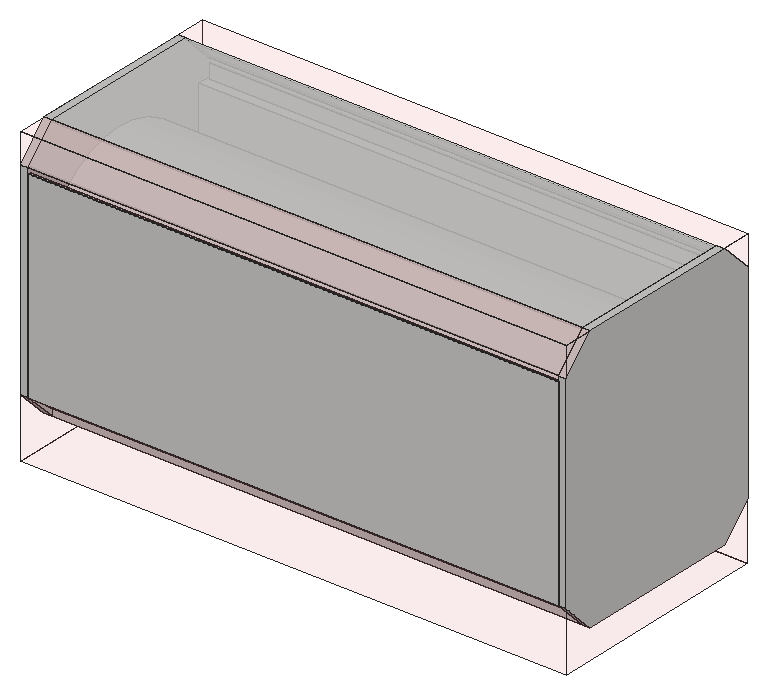
Revit family "Air-Curtain_Climate-Control_PoweredAire_ECE", category Mechanical Equipment, host Face, Revit 2023
Family settings
  Host = Face
  Round Connector Dimension = Use Diameter
  Part Type = Normal
  OmniClass Number = 23.75.35.17.21
  OmniClass Title = Air Curtains
  Cut with Voids When Loaded = No
  Maintain Annotation Orientation = No
  Shared = No
  Room Calculation Point = No
Parameters
  Warranty Duration (Years) = 0
  Unit Width Notes = "Other Widths available."  # constant formula
  Unit Width = 3' - 0"
  Unit Weight = 0
  Unit Height = 1' - 3"
  Unit Depth = 1' - 5 1/2"
  URL = "http://www.poweredaire.com/"
  Test Data = ""
  Temperature Rise_Range = "as Specified"
  Standards Conformance = "as Specified"
  Specification = "http://www.arcat.com/sdspecs/htm04/23_34_33pai.htm"
  SpecWizard = ""
  Sound Pressure = "as Specified"
  Sales Information = "http://www.poweredaire.com/contact_us"
  Revision = "R1_2016-08"
  Projection from Host [instance] = 0' - 2"
  Product Properties = ""
  Product Data = "http://www.arcat.com/arcatcos/cos47/arc47623.html"
  Power Rating = 0 W
  Outlet Volume_Range = "as Specified"
  Outlet Velocity_Range = "as Specified"
  Nozzle Width = if(1 = 1, Unit Width - 0' 1", 0' 0")  # 2' - 11"
  Mounting Width = if(1 = 1, Unit Width - 0' 0 15/16", 0' 0")  # 2' - 11 1/16"
  Mounting Height [instance] = 3' - 6"
  Motor RPM = 0
  Motor HP = 0
  Motor Count = 0
  Model = "As Specified"
  Max Height = 0' - 0"
  Manufacturer Website = "http://www.poweredaire.com/"
  Manufacturer Phone - Toll Free = "888-321-2473"
  Manufacturer Phone = "724-588-3305"
  Manufacturer Fax = "724-588-3371"
  Manufacturer Address = "109 Mortensen Rd.  Greenville, PA 16125"
  Manufacturer = "Powered Aire, Inc"
  Maintenance Schedule (Months) = 0
  Keynote = "23 34 33"
  Installation-Fabrication = ""
  Installation Phase = ""
  Include Clearance [instance] = yes
  Heating Element Load = 0 W
  HVAC_Temperature Rise [instance] = 0 °F
  HVAC_Outlet Volume [instance] = 0 CFM
  HVAC_Outlet Velocity Uniformity = 0
  HVAC_Outlet Velocity [instance] = 0 FPM
  Green Building-LEED = "http://www.arcat.com/green/clients/leed_data_47623.html"
  Front Grating Material [instance] = Metal - Steel - PoweredAire - Stainless 304 Perforated
  Frame Finish [instance] = Metal - Steel - PoweredAire - Stainless 304
  Expected Lifespan (Years) = 0
  Electrical_Wattage [instance] = Power Rating + Heating Element Load  # 0 W
  Electrical_Voltage [instance] = 0 V
  Electrical_Phase [instance] = 1
  Electrical_Frequency [instance] = 0 Hz
  Electrical_Amperage [instance] = 0 A
  Drawn By = "Sumex Design, Inc. / Robert S. Weygant, CSI, CDT, SCIP"
  Description = "Powered Aire Air Curtain as Specified"
  Default Elevation = 0' - 0"  # constant formula
  Copyright = "©Arcat Inc."
  Construction Details = "http://www.arcat.com/details/powair/prod3336.html"
  Clearance_Top [instance] = 0' - 0"
  Clearance_Side B [instance] = 0' - 0"
  Clearance_Side A [instance] = 0' - 0"
  Clearance_Intake [instance] = 0' - 0"
  Clearance_Bottom [instance] = 0' - 0"
  Clearance Material [instance] = ARCAT Clearance
  Building Codes = ""
  Available Options [instance] = "as Specified"
  Assembly Code = "D3090400"
Reference planes (in)
  plane 1 "Center (Elevation)": y = 0.13818
  plane 2: z = 0
  plane 3 "Center (Left/Right)": x = 0
  plane 4: y = 7.63818
  plane 5: y = -7.36182
  plane 6: x = -18
  plane 7: x = 18
  plane 8: z = 19.5
  plane 9 "FF": y = -41.86182
  plane 10: z = 2
  plane 11: x = 17.5
  plane 12: x = -17.5
  plane 13: y = 7.63818
  plane 14: y = -7.36182
  plane 15: x = -18
  plane 16: x = 18
  plane 17: z = 19.5
Forms (in)
  Extrusion 1, solid, material "Metal - Steel - PoweredAire - Stainless 304" <- "Frame Finish"
    sketch origin (0, 0, 0) x (0, 1, 0) y (0, 0, 1)
      loop
        line (5.69363, 2) -> (7.63818, 3.94454) -> (7.63818, 17.55546) -> (5.69363, 19.5) -> (-5.41728, 19.5) -> (-7.36182, 17.55546) -> (-7.36182, 3.94454) -> (-5.41728, 2) -> (5.69363, 2)
    from 17.5 to 18
  Extrusion 2, solid, material "Metal - Steel - PoweredAire - Stainless 304" <- "Frame Finish"
    sketch origin (0, 0, -0.5) x (0, 1, 0) y (0, 0, 1)
      loop
        circle (0.13818, 10.9739) r 6.25
      loop
        line (6.63818, 16.89427) -> (6.63818, 5.87829) -> (7.33849, 5.87829) -> (7.33849, 16.89427) -> (6.63818, 16.89427)
      loop
        line (-7.02798, 16.76927) -> (-7.02798, 5.75329) -> (-6.36182, 5.75329) -> (-6.36182, 16.76927) -> (-7.02798, 16.76927)
    from -17.5 to 17.5
  Extrusion 3, solid, material "Metal - Steel - PoweredAire - Stainless 304" <- "Frame Finish"
    sketch origin (0, 0, 0) x (0, 1, 0) y (0, 0, -1)
      loop
        line (5.69363, -2) -> (-5.41728, -2) -> (-7.36182, -3.94454) -> (-7.36182, -17.55546) -> (-5.41728, -19.5) -> (5.69363, -19.5) -> (7.63818, -17.55546) -> (7.63818, -3.94454) -> (5.69363, -2)
    from 17.5 to 18
  Extrusion 4, solid, material "Metal - Steel - PoweredAire - Stainless 304" <- "Frame Finish"
    sketch origin (0, 0, 0) x (0, 1, 0) y (0, 0, 1)
      loop
        line (-5.41728, 2) -> (5.69363, 2) -> (7.63818, 3.94454) -> (7.63818, 17.19454) -> (7.51318, 17.19454) -> (7.51318, 3.99632) -> (5.64186, 2.125) -> (-5.29228, 2.125) -> (-5.29228, 4.06954) -> (-7.23682, 4.06954) -> (-7.23682, 17.19454) -> (-7.36182, 17.19454) -> (-7.36182, 3.94454) -> (-5.41728, 3.94454) -> (-5.41728, 2)
      loop
        line (-6.64819, 3.61034) -> (-5.8702, 2.83235) -> (-5.74472, 2.95783) -> (-6.52271, 3.73583) -> (-6.64819, 3.61034)
    from -17.5 to 17.5
  Extrusion 5, solid, material "Metal - Steel - PoweredAire - Stainless 304 Perforated" <- "Front Grating Material"
    sketch origin (0, 0, 0) x (0, 1, 0) y (0, 0, 1)
      loop
        line (-7.36182, 17.19454) -> (-7.23682, 17.19454) -> (-7.23682, 17.50368) -> (-5.3655, 19.375) -> (5.64186, 19.375) -> (7.51318, 17.50368) -> (7.51318, 17.19454) -> (7.63818, 17.19454) -> (7.63818, 17.55546) -> (5.69363, 19.5) -> (-5.41728, 19.5) -> (-7.36182, 17.55546) -> (-7.36182, 17.19454)
    from -17.5 to 17.5
  Extrusion 6, solid, material "ARCAT Clearance" <- "Clearance Material", visible <- "Include Clearance"
    sketch origin (0, 0, 0) x (0, 1, 0) y (0, 0, 1)
      loop
        line (-7.36182, 19.5) -> (-7.36182, 0) -> (7.63818, 0) -> (7.63818, 19.5) -> (-7.36182, 19.5)
    from -18 to 18
Dimensions and locks (in)
  equal spacing: plane 4, plane 1 "Center (Elevation)", plane 5
  "Unit Height": plane 4 to plane 5
  equal spacing: plane 6, plane 3 "Center (Left/Right)", plane 7
  "Unit Width": plane 6 to plane 7
  "Mounting Height": plane 1 "Center (Elevation)" to plane 9 "FF"
  "Projection from Host": plane 10 to level
  "Unit Depth": plane 8 to plane 10
  locked: plane 6 to plane 12 at 0.5
  locked: plane 11 to plane 7 at 0.5
  "Clearance_Side A": plane 7 to plane 16
  "Clearance_Side B": plane 15 to plane 6
  "Clearance_Top": plane 13 to plane 4
  "Clearance_Bottom": plane 5 to plane 14
  "Clearance_Intake": plane 17 to plane 8
  aligned and locked: plane 2 to host face
  aligned and locked: level to host face
  aligned and locked: plane 7 to Extrusion 1
  aligned and locked: Extrusion 1 to plane 11
  aligned and locked: plane 12 to Extrusion 3
  aligned and locked: Extrusion 3 to plane 6
  aligned and locked: Extrusion 2 to plane 12
  aligned and locked: plane 11 to Extrusion 2
  aligned and locked: plane 11 to Extrusion 4
  aligned and locked: Extrusion 4 to plane 12
  aligned and locked: plane 11 to Extrusion 5
  aligned and locked: Extrusion 5 to plane 12
  aligned and locked: Extrusion 6 sketch curve to plane 17
  aligned and locked: plane 14 to Extrusion 6 sketch curve
  aligned and locked: level to Extrusion 6 sketch curve
  aligned and locked: Extrusion 6 sketch curve to plane 13
  aligned and locked: plane 16 to Extrusion 6
  aligned and locked: Extrusion 6 to plane 15
Automatic sketch dimensions
  host sketch curve to host sketch curve = 8' - 0"  (x2)
  Extrusion 1 sketch curve to plane 5 = 0' - 0"
  Extrusion 1 sketch curve to plane 8 = 0' - 0"
  Extrusion 1 sketch curve to plane 10 = 0' - 0"
  Extrusion 1 sketch curve to plane 4 = 0' - 0"
  plane 5 to Extrusion 1 sketch curve = 0' - 1.94454"  (x2)
  Extrusion 1 sketch curve to plane 4 = 0' - 1.94454"  (x2)
  plane 10 to Extrusion 1 sketch curve = 0' - 1.94454"  (x2)
  Extrusion 1 sketch curve to plane 8 = 0' - 1.94454"  (x2)
  Extrusion 2 sketch curve to plane 1 "Center (Elevation)" = 0' - 0"
  plane 5 to Extrusion 2 sketch curve = 0' - 1"
  plane 5 to Extrusion 2 sketch curve = 0' - 0.33384"
  Extrusion 2 sketch curve to plane 4 = 0' - 1"
  Extrusion 2 sketch curve to plane 4 = 0' - 0.29969"
  plane 10 to Extrusion 2 sketch curve = 0' - 3.37829"
  plane 10 to Extrusion 2 sketch curve = 0' - 3.25329"
  Extrusion 2 sketch curve to plane 8 = 0' - 9.0261"
  Extrusion 2 sketch curve to plane 8 = 0' - 3.23073"
  Extrusion 2 sketch curve to plane 8 = 0' - 3.10573"
  Extrusion 3 sketch curve to plane 5 = 0' - 0"
  Extrusion 3 sketch curve to plane 8 = 0' - 0"
  Extrusion 3 sketch curve to plane 10 = 0' - 0"
  Extrusion 3 sketch curve to plane 4 = 0' - 0"
  plane 5 to Extrusion 3 sketch curve = 0' - 1.94454"  (x2)
  Extrusion 3 sketch curve to plane 4 = 0' - 1.94454"  (x2)
  Extrusion 3 sketch curve to plane 8 = 0' - 1.94454"  (x2)
  plane 10 to Extrusion 3 sketch curve = 0' - 1.94454"  (x2)
  Extrusion 4 sketch curve to plane 5 = 0' - 0"
  Extrusion 4 sketch curve to plane 10 = 0' - 0"
  Extrusion 4 sketch curve to plane 4 = 0' - 0"
  plane 5 to Extrusion 4 sketch curve = 0' - 0 1/8"
  plane 5 to Extrusion 4 sketch curve = 0' - 0.71363"
  Extrusion 4 sketch curve to Extrusion 4 sketch curve = 0' - 0.12548"  (x2)
  Extrusion 4 sketch curve to Extrusion 4 sketch curve = 0' - 0.778"
  Extrusion 4 sketch curve to Extrusion 4 sketch curve = 0' - 0.32744"
  Extrusion 4 sketch curve to Extrusion 4 sketch curve = 0' - 0 1/8"  (x2)
  plane 10 to Extrusion 4 sketch curve = 0' - 0 1/8"
  Extrusion 4 sketch curve to plane 4 = 0' - 1.99632"
  Extrusion 4 sketch curve to Extrusion 4 sketch curve = 0' - 0.05178"  (x2)
  plane 10 to Extrusion 4 sketch curve = 0' - 0.83235"
  plane 10 to Extrusion 4 sketch curve = 0' - 1.94454"
  Extrusion 4 sketch curve to Extrusion 4 sketch curve = 0' - 0.3342"
  Extrusion 4 sketch curve to plane 4 = 0' - 0 1/8"
  Extrusion 4 sketch curve to plane 8 = 0' - 2.30546"  (x2)
  Extrusion 5 sketch curve to plane 5 = 0' - 0"
  Extrusion 5 sketch curve to plane 8 = 0' - 0"
  Extrusion 5 sketch curve to plane 4 = 0' - 0"
  plane 5 to Extrusion 5 sketch curve = 0' - 0 1/8"
  plane 5 to Extrusion 5 sketch curve = 0' - 1.94454"
  Extrusion 5 sketch curve to plane 8 = 0' - 0 1/8"
  Extrusion 5 sketch curve to Extrusion 5 sketch curve = 0' - 0.05178"  (x4)
  Extrusion 5 sketch curve to plane 4 = 0' - 1.99632"
  Extrusion 5 sketch curve to plane 8 = 0' - 1.94454"  (x2)
  Extrusion 5 sketch curve to Extrusion 5 sketch curve = 0' - 0 1/8"
  Extrusion 5 sketch curve to Extrusion 5 sketch curve = 0' - 0.30914"  (x2)
  radius of Extrusion 2 sketch curve = 0' - 6 1/4"
Connectors (in)
  electrical at (0, 7.63818, 10.56954), driven by "Electrical_Phase", driven by "Electrical_Voltage"
    settings: on Extrusion 4, index 1, voltage 0 V, apparent load 0 VA, apparent load phase1 0 VA, apparent load phase2 0 VA, apparent load phase3 0 VA, power factor 1, load classification "Motor", number of poles 1, system type 31, power factor state 1, is connector primary yes, connector utility no, sub classification motor no, connector description ""
